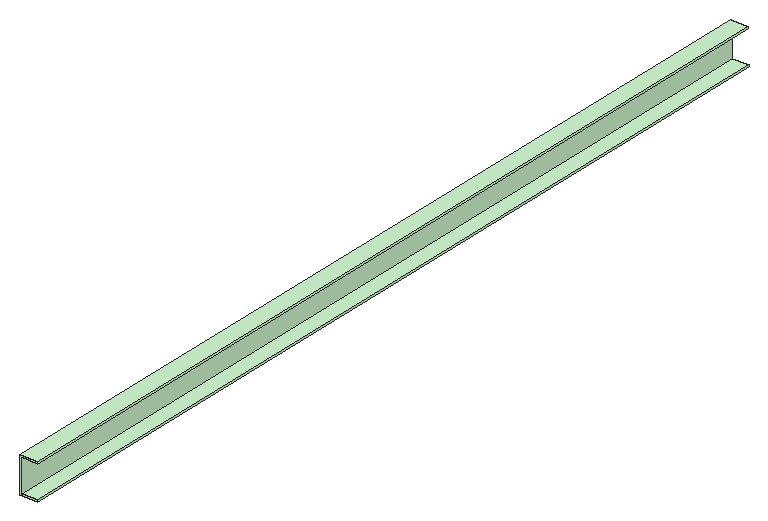
Revit family "nobuchiuke_c40x20", category 機械設備, Revit 2022
Family settings
  丸型コネクタ寸法 = 直径を使用
  種別 = なし
  パーツ タイプ = 標準
  作業面ベース = いいえ
  常に垂直 = はい
  ロード時にボイドで切り取り = いいえ
  注釈の向きを維持 = いいえ
  共有 = いいえ
  部屋計算ポイント = いいえ
Parameters
  製造元 = "株式会社桐井製作所"
  既定の高さ = 0 mm
  URL = "https://www.kirii.co.jp/"
  K_長さ(mm) [instance] = 1000 mm
  K_材質 = "SGCC一般用　SGC340~570　SGHC一般用　SGH340~570高強度一般用"
  K_断面積A(mm2) = 119.5
  K_断面係数Zy(mm3) = 325.8
  K_断面係数Zx(mm3) = 1448
  K_断面2次半径iy(mm) = 6.2
  K_断面2次半径ix(mm) = 15.6
  K_断面2次モーメントIy(mm4) = 4647
  K_断面2次モーメントIx(mm4) = 28970
  K_外形寸法(mm) = "40×20×1.6"
  K_品名 = "C40×20チャンネル"
  K_名称 = "一般野縁受け"
  K_単位質量(kg/m) = 0.952
  K_ヤング係数E(N/mm2) = 205000
  K_バージョン情報 = "20210714"
  K_めっき付着量 = "Z12"
  K_JIS規格 = "JIS G 3302"
Reference planes
  plane 1 "中心(正面/背面)": y = 0
  plane 2: z = 0
  plane 3 "中心(左/右)": x = 0
  plane 4: y = 1000
  plane 5: z = 40
Forms (mm)
  Extrusion 1, solid
    sketch origin (12, 0, 0) x (1, 0, 0) y (0, 0, 1)
      loop
        line (8, 40) -> (-12, 40) -> (-12, 0) -> (8, 0) -> (8, 1.6) -> (-10.4, 1.6) -> (-10.4, 38.4) -> (8, 38.4) -> (8, 40)
    from 0 to -1000
Dimensions and locks
  "K_長さ(mm)": plane 1 "中心(正面/背面)" to plane 4
  aligned and locked: level to plane 2
  aligned and locked: Extrusion 1 to plane 4
Automatic sketch dimensions
  Extrusion 1 sketch curve to plane 3 "中心(左/右)" = 0 mm
  Extrusion 1 sketch curve to plane 5 = 0 mm
  Extrusion 1 sketch curve to level = 0 mm
  level to Extrusion 1 sketch curve = 1.6 mm
  plane 3 "中心(左/右)" to Extrusion 1 sketch curve = 1.6 mm
  Extrusion 1 sketch curve to Extrusion 1 sketch curve = 1.6 mm
  Extrusion 1 sketch curve to Extrusion 1 sketch curve = 18.4 mm  (x2)
